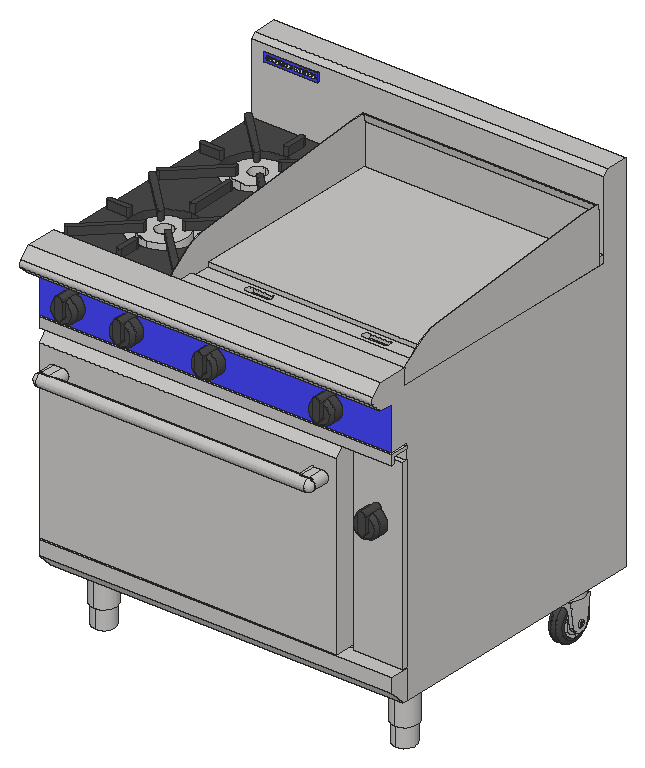
Revit family "QF_MOFFAT_BLUESEAL_CE_G56B", category Specialty Equipment, Revit 2012 (continued)
Automatic sketch dimensions
  curve 37 to plane 12 = 17.528 mm
  plane 12 to curve 39 = 10.472 mm
  curve 41 to curve 38 = 35 mm
  curve 37 to curve 40 = 22 mm
  curve 22 to curve 24 = 0.268 mm
  Split face 1 sketch curve to cut or joined group of Extrusion 1, Extrusion 16 = 27.115 mm
  Split face 1 sketch curve to cut or joined group of Extrusion 1, Extrusion 16 = 273.455 mm
  Split face 1 sketch curve to Split face 1 sketch curve = 4.041 mm  (x4)
  Split face 1 sketch curve to Split face 1 sketch curve = 8.66 mm  (x2)
  Split face 1 sketch curve to cut or joined group of Extrusion 1, Extrusion 16 = 12.115 mm
  Split face 1 sketch curve to cut or joined group of Extrusion 1, Extrusion 16 = 36.836 mm
  Split face 1 sketch curve to Split face 1 sketch curve = 7 mm  (x3)
  Split face 1 sketch curve to Split face 1 sketch curve = 17 mm
  Split face 2 sketch curve to cut or joined group of Extrusion 1, Extrusion 16 = 27.115 mm
  Split face 2 sketch curve to cut or joined group of Extrusion 1, Extrusion 16 = 326.545 mm
  Split face 2 sketch curve to Split face 2 sketch curve = 4.041 mm  (x4)
  Split face 2 sketch curve to Split face 2 sketch curve = 8.66 mm  (x2)
  Split face 2 sketch curve to cut or joined group of Extrusion 1, Extrusion 16 = 12.115 mm
  Split face 2 sketch curve to Split face 2 sketch curve = 223.917 mm
  Split face 2 sketch curve to Split face 2 sketch curve = 7 mm  (x3)
  Split face 2 sketch curve to Split face 2 sketch curve = 17 mm
  Split face 3 sketch curve to cut or joined group of Extrusion 1, Extrusion 16 = 26.545 mm
  Split face 3 sketch curve to Split face 3 sketch curve = 4.041 mm  (x4)
  Split face 3 sketch curve to Split face 3 sketch curve = 8.66 mm  (x2)
  Split face 3 sketch curve to cut or joined group of Extrusion 1, Extrusion 16 = 22.115 mm
  Split face 3 sketch curve to Split face 3 sketch curve = 223.917 mm
  Split face 3 sketch curve to cut or joined group of Extrusion 1, Extrusion 16 = 17.115 mm
  Split face 3 sketch curve to Split face 3 sketch curve = 10 mm
  Split face 3 sketch curve to Split face 3 sketch curve = 7 mm  (x3)
  Revolve 33 sketch curve to plane 5 "FRONT" = 19 mm
  Revolve 33 sketch curve to Revolve 33 sketch curve = 0 mm  (x2)
  Revolve 33 sketch curve to Revolve 33 sketch curve = 11 mm
  Revolve 33 sketch curve to Revolve 33 sketch curve = 12.7 mm
  Revolve 33 sketch curve to Revolve 33 sketch curve = 23 mm
  Revolve 33 sketch curve to Revolve 33 sketch curve = 10 mm
  Revolve 33 sketch curve to plane 6 "TOP" = 140.618 mm
  Revolve 33 sketch curve to Revolve 33 sketch curve = 5.849 mm
  Revolve 33 sketch curve to Revolve 33 sketch curve = 27.5 mm
  Revolve 33 sketch curve to Revolve 33 sketch curve = 5 mm
  Extrusion 34 sketch curve to plane 16 = 75.219 mm
  Extrusion 34 sketch curve to Extrusion 34 sketch curve = 10 mm
  Extrusion 34 sketch curve to plane 6 "TOP" = 146.118 mm
  Extrusion 34 sketch curve to Extrusion 34 sketch curve = 35 mm
  radius of Extrusion 6 sketch curve = 10 mm
  radius of Extrusion 29 sketch curve = 85 mm  (x2)
  radius of Extrusion 31 sketch curve = 57 mm  (x2)
  radius of Extrusion 31 sketch curve = 22 mm  (x2)
  radius of Extrusion 32 sketch curve = 6.35 mm
Nested families
  nested 1: "WALDORF LOGO_FACE BASE" at (32, -70, 1056.385) x (1, 0, 0) z (0, -1, 0), visible <- "Show Logo", type "WALDORF LOGO_FACE BASE", detail levels medium+fine
    with Show Logo yes
  nested 2: "GAS GRIDDLE PLATE 600" at (300, -85, 874.5), type "GAS GRIDDLE PLATE 600"
    with Width 600 mm, Type Mark "", Status "", Specification by User "", Revision Code "", Item Number "", Installed By "", Identify Quantity as Lot yes, Furnished By "", Foodservice Equipment Identifier yes, Depth 620 mm
Connectors
  piping at (770, -32, 655)
    settings: on Extrusion 6, index 4, connector radius 0.37402", flow factor 0, pipe flow 0 GPM, pressure drop 0.00 psi, fitting loss kfactor 0, connector angle 0.00°, fixture units 0, engagement length 0 mm, flow configuration 1, flow direction 1, fitting loss method 0, system type 7, joint type 0, gender type 0, connector reference index -1, connector utility 0, adjustable connector no, is connector primary yes, fitting loss table "", connector description "GAS CONNECTION"
  electrical at (826, -501, 147.817), driven by "Volts", driven by "Watts"
    settings: on Extrusion 32, index 5, voltage 230 V, apparent load 130 VA, apparent load phase1 0 VA, apparent load phase2 0 VA, apparent load phase3 0 VA, power factor 1, load classification "Other", number of poles 1, system type 30, power factor state 1, is connector primary yes, connector utility no, sub classification motor no, connector description "ELECTRICAL CONNECTION"
Definition of nested family "WALDORF LOGO_FACE BASE"
  Parameters (values of type "WALDORF LOGO_FACE BASE")
    Show Logo [instance] = yes
    Default Elevation = 1219.2 mm
  Reference planes
    plane 1 "Center (Front/Back)": y = 0
    plane 2: z = 0
    plane 3 "Center (Left/Right)": x = 0
  Forms (mm)
    Extrusion 1, solid
      sketch origin (0, 0, 0) x (1, 0, 0) y (0, 1, 0)
        loop
          line (-1219.2, 1219.2) -> (-1219.2, -1219.2) -> (1219.2, -1219.2) -> (1219.2, 1219.2) -> (-1219.2, 1219.2)
      from 0 to -304.8
    Extrusion 2, solid, material "QF_Finishes_Blue", visible <- "Show Logo"
      sketch origin (0, -33.217, 0) x (1, 0, 0) y (0, 1, 0)
        loop
          arc (138, 31.942) -> (137.626, 32.844) -> (136.724, 33.217) r 1.276
          line (136.724, 33.217) -> (1.29, 33.217)
          arc (1.29, 33.217) -> (0.378, 32.839) -> (0, 31.927) r 1.29
          line (0, 31.927) -> (0, 11.507)
          arc (0, 11.507) -> (0.378, 10.595) -> (1.29, 10.217) r 1.29
          line (1.29, 10.217) -> (136.71, 10.217)
          arc (136.71, 10.217) -> (137.622, 10.595) -> (138, 11.507) r 1.29
          line (138, 11.507) -> (138, 31.942)
      from 0 to 1.588
    Extrusion 3, solid, material "QF_Finishes_White", visible <- "Show Logo"
      sketch origin (0, -33.217, 1.588) x (1, 0, 0) y (0, 1, 0)
        loop
          arc (108.946, 25.919) -> (107.613, 25.367) -> (107.061, 24.034) r 1.885
          line (107.061, 24.034) -> (107.061, 17.211) -> (112.704, 17.211) -> (112.704, 19.129) -> (115.546, 19.129) -> (115.546, 17.211) -> (121.584, 17.211) -> (121.584, 24.075)
          arc (121.584, 24.075) -> (121.043, 25.379) -> (119.739, 25.919) r 1.845
          line (119.739, 25.919) -> (108.946, 25.919)
        loop
          line (123.478, 25.919) -> (123.478, 17.163) -> (134.904, 17.163) -> (134.904, 19.129) -> (129.246, 19.129) -> (129.246, 25.919) -> (123.478, 25.919)
        loop
          line (112.704, 21.258) -> (115.546, 21.258) -> (115.546, 22.702)
          arc (115.546, 22.702) -> (115.344, 23.188) -> (114.858, 23.389) r 0.687
          line (114.858, 23.389) -> (113.363, 23.389)
          arc (113.363, 23.389) -> (112.897, 23.196) -> (112.704, 22.73) r 0.658
          line (112.704, 22.73) -> (112.704, 21.258)
        loop
          line (105.071, 25.919) -> (93.771, 25.919) -> (93.771, 17.163) -> (105.071, 17.163) -> (105.071, 19.063) -> (99.535, 19.063) -> (99.535, 20.437) -> (105.071, 20.437) -> (105.071, 22.278) -> (99.535, 22.278) -> (99.535, 23.587) -> (105.071, 23.587) -> (105.071, 25.919)
        loop
          line (91.104, 25.919) -> (79.541, 25.919)
          arc (79.541, 25.919) -> (78.558, 25.513) -> (78.152, 24.53) r 1.389
          line (78.152, 24.53) -> (78.152, 22.08)
          arc (78.152, 22.08) -> (78.558, 21.098) -> (79.541, 20.691) r 1.389
          line (79.541, 20.691) -> (86.346, 20.691) -> (86.346, 18.864) -> (83.266, 18.864) -> (83.266, 19.664) -> (78.152, 19.664) -> (78.152, 18.553)
          arc (78.152, 18.553) -> (78.558, 17.57) -> (79.541, 17.163) r 1.389
          line (79.541, 17.163) -> (91.063, 17.163)
          arc (91.063, 17.163) -> (92.045, 17.57) -> (92.452, 18.553) r 1.389
          line (92.452, 18.553) -> (92.452, 20.691)
          arc (92.452, 20.691) -> (92.045, 21.673) -> (91.063, 22.08) r 1.389
          line (91.063, 22.08) -> (83.266, 22.08) -> (83.266, 23.984) -> (86.346, 23.984) -> (86.346, 22.743) -> (92.452, 22.743) -> (92.452, 24.571)
          arc (92.452, 24.571) -> (92.057, 25.524) -> (91.104, 25.919) r 1.348
        loop
          line (70.705, 25.919) -> (59.405, 25.919) -> (59.405, 17.163) -> (70.705, 17.163) -> (70.705, 19.063) -> (65.169, 19.063) -> (65.169, 20.437) -> (70.705, 20.437) -> (70.705, 22.278) -> (65.169, 22.278) -> (65.169, 23.587) -> (70.705, 23.587) -> (70.705, 25.919)
        loop
          line (57.598, 25.919) -> (51.7, 25.919) -> (51.7, 20.18)
          arc (51.7, 20.18) -> (50.63, 19.11) -> (49.56, 20.18) r 1.07
          line (49.56, 20.18) -> (49.56, 25.919) -> (43.663, 25.919) -> (43.663, 19.049)
          arc (43.663, 19.049) -> (44.215, 17.716) -> (45.548, 17.163) r 1.885
          line (45.548, 17.163) -> (55.71, 17.163)
          arc (55.71, 17.163) -> (57.045, 17.716) -> (57.598, 19.051) r 1.887
          line (57.598, 19.051) -> (57.598, 25.919)
        loop
          line (31.62, 25.919) -> (31.62, 17.163) -> (43.046, 17.163) -> (43.046, 19.129) -> (37.388, 19.129) -> (37.388, 25.919) -> (31.62, 25.919)
        loop
          line (15.969, 25.919) -> (15.969, 17.163) -> (28.693, 17.163)
          arc (28.693, 17.163) -> (29.812, 17.627) -> (30.276, 18.746) r 1.582
          line (30.276, 18.746) -> (30.276, 20.447) -> (29.48, 21.243) -> (30.276, 22.039) -> (30.276, 24.332)
          arc (30.276, 24.332) -> (29.811, 25.454) -> (28.688, 25.919) r 1.587
          line (28.688, 25.919) -> (15.969, 25.919)
        loop
          line (21.449, 24.159) -> (21.449, 22.436) -> (23.862, 22.436)
          arc (23.862, 22.436) -> (24.723, 23.298) -> (23.862, 24.159) r 0.861
          line (23.862, 24.159) -> (21.449, 24.159)
        loop
          line (21.449, 20.244) -> (21.449, 18.522) -> (23.862, 18.522)
          arc (23.862, 18.522) -> (24.723, 19.383) -> (23.862, 20.244) r 0.861
          line (23.862, 20.244) -> (21.449, 20.244)
      from 0 to 0.2
    Extrusion 4, solid, material "QF_Finishes_Blue", visible <- "Show Logo"
      sketch origin (-126.498, -31.09, 1.588) x (1, 0, 0) y (0, 1, 0)
        loop
          line (136.738, 23.522) -> (136.738, 15.1)
          arc (136.738, 15.1) -> (140.756, 19.311) -> (136.738, 23.522) r 4.216
      from 0 to 0.2
    Extrusion 5, solid, material "QF_Finishes_Red", visible <- "Show Logo"
      sketch origin (146.849, -31.09, 1.588) x (-1, 0, 0) y (0, -1, 0)
        loop
          arc (136.738, -23.522) -> (140.756, -19.311) -> (136.738, -15.1) r 4.216
          line (136.738, -15.1) -> (136.738, -23.522)
      from 0 to 0.2
  Lines and regions (mm)
    Split face 1
      outline origin (-90.35, -30.793, 1.588) x (1, 0, 0) y (0, 1, 0)
        loop
          circle (100.54, 19.013) r 4.536
  Dimensions and locks
    aligned and locked: plane 2 to Extrusion 1
    aligned and locked: level to Extrusion 1
Definition of nested family "GAS GRIDDLE PLATE 600"
  Parameters (values of type "GAS GRIDDLE PLATE 600")
    Width [instance] = 600 mm
    Weight in Pounds = 0
    URL Cutsheet = ""
    Type Mark [instance] = ""
    Status [instance] = ""
    Specification by User [instance] = ""
    Specification by Manufacturer = ""
    Serial Number = ""
    Seismic Rating = ""
    SMACNA No = ""
    Revision Code [instance] = ""
    Omniclass Number and Title = ""
    NAFEM Spec ID Number = ""
    Masterspec = ""
    Item Number [instance] = ""
    Installed By [instance] = ""
    Identify Quantity as Lot [instance] = yes
    Furnished By [instance] = ""
    Foodservice Equipment Identifier [instance] = yes
    Depth [instance] = 620 mm
    CSI MasterFormat = ""
    CSI Master Format = ""
  Reference planes
    plane 1 "BACK": y = 0
    plane 2: z = 0
    plane 3 "LEFT": x = 0
    plane 4 "RIGHT": x = 600
    plane 5 "FRONT": y = -620
    plane 6 "TOP": z = 142.5
    plane 7 "Center Y": x = 300
    plane 8 "Center X": y = -310
    plane 9: y = -530.997
    plane 10: y = -541.497
    plane 11: y = -503.25
    plane 12: y = -557.737
  Forms (mm)
    Extrusion 1, solid, material "QF_Finishes_Stainless Steel"
      sketch origin (0, 70.003, -874.5) x (0, 1, 0) y (0, 0, 1)
        loop
          line (-70, 875) -> (-70, 997.489) -> (-75.228, 1017) -> (-117.24, 1017) -> (-589.533, 971.523)
          arc (-589.533, 971.523) -> (-614.56, 965.803) -> (-637.306, 953.899) r 100
          line (-637.306, 953.899) -> (-690.003, 917) -> (-690.003, 875) -> (-70, 875)
      from 0 to 1.8
    Extrusion 2, solid, material "QF_Finishes_Stainless Steel"
      sketch origin (600, 70.003, -874.5) x (0, -1, 0) y (0, 0, 1)
        loop
          line (70, 875) -> (690.003, 875) -> (690.003, 917) -> (637.306, 953.899)
          arc (637.306, 953.899) -> (614.56, 965.803) -> (589.533, 971.523) r 100
          line (589.533, 971.523) -> (117.24, 1017) -> (75.228, 1017) -> (70, 997.489) -> (70, 875)
      from 0 to 1.2
    Extrusion 3, solid, material "QF_Finishes_Stainless Steel"
      sketch origin (150, 70.003, -874.5) x (0, 1, 0) y (0, 0, 1)
        loop
          line (-55, 895) -> (-573.253, 895) -> (-573.253, 884.5) -> (-627.74, 884.5) -> (-627.74, 895) -> (-690.003, 895) -> (-690.003, 875) -> (-55, 875) -> (-55, 895)
      from -148.2 to 448.8
    Extrusion 4, void
      sketch origin (150, -541.497, 10) x (0, -1, 0) y (1, 0, 0)
        loop
          arc (-7.497, 25.113) -> (-17.497, 35.113) -> (-27.497, 25.113) r 10
          line (-27.497, 25.113) -> (-27.497, -24.887)
          arc (-27.497, -24.887) -> (-17.497, -34.887) -> (-7.497, -24.887) r 10
          line (-7.497, -24.887) -> (-7.497, 25.113)
        loop
          line (-7.497, 274.887) -> (-7.497, 324.887)
          arc (-7.497, 324.887) -> (-17.497, 334.887) -> (-27.497, 324.887) r 10
          line (-27.497, 324.887) -> (-27.497, 274.887)
          arc (-27.497, 274.887) -> (-17.497, 264.887) -> (-7.497, 274.887) r 10
      from -41.4 to 40.142
    Extrusion 5, solid, material "QF_Finishes_Stainless Steel"
      sketch origin (0, 70.003, -874.5) x (0, 1, 0) y (0, 0, 1)
        loop
          line (-70, 875) -> (-70, 997.489) -> (-75.228, 1017) -> (-76.884, 1017) -> (-71.6, 997.278) -> (-71.6, 875) -> (-70, 875)
      from 0 to 598.8
  Cuts and joins
    Extrusion 4 cuts Extrusion 3
    joined: Extrusion 1, Extrusion 2, Extrusion 3
  Lines and regions (mm)
    symbolic lines
      curve 1: line (600, -503.25, 0) -> (0, -503.25, 0)
      curve 2: line (0, -557.737, 0) -> (600, -557.737, 0)
      curve 3: line (0, -1.68, 0) -> (600, -1.68, 0)
      curve 4: line (600, -1.68, 0) -> (600, -620, 0)
      curve 5: line (0, -620, 0) -> (0, -1.68, 0)
      curve 6: line (0, -620, 0) -> (600, -620, 0)
      curve 7: arc (175.113, -534, 0) -> (185.113, -524, 0) -> (175.113, -514, 0) r 10
      curve 8: line (175.113, -514, 0) -> (125.113, -514, 0)
      curve 9: arc (125.113, -514, 0) -> (115.113, -524, 0) -> (125.113, -534, 0) r 10
      curve 10: line (125.113, -534, 0) -> (175.113, -534, 0)
      curve 11: arc (424.887, -534, 0) -> (414.887, -524, 0) -> (424.887, -514, 0) r 10
      curve 12: line (424.887, -514, 0) -> (474.887, -514, 0)
      curve 13: arc (474.887, -514, 0) -> (484.887, -524, 0) -> (474.887, -534, 0) r 10
      curve 14: line (474.887, -534, 0) -> (424.887, -534, 0)
  Dimensions and locks
    equal spacing: plane 3 "LEFT", plane 7 "Center Y", plane 4 "RIGHT"
    "Width": plane 3 "LEFT" to plane 4 "RIGHT"
    equal spacing: plane 5 "FRONT", plane 8 "Center X", plane 1 "BACK"
    "Depth": plane 5 "FRONT" to plane 1 "BACK"
    locked: Extrusion 2 to Extrusion 2 at 1.2
    aligned and locked: level to plane 2
    aligned and locked: Extrusion 2 to plane 4 "RIGHT"
    aligned and locked: curve 1 to plane 11
    aligned and locked: plane 12 to curve 2
    aligned and locked: Extrusion 5 to cut or joined group of Extrusion 1, Extrusion 2, Extrusion 3, Extrusion 4
  Automatic sketch dimensions
    Extrusion 1 sketch curve to plane 5 "FRONT" = 0 mm
    Extrusion 1 sketch curve to plane 6 "TOP" = 0 mm
    plane 12 to Extrusion 1 sketch curve = 9.566 mm
    plane 11 to Extrusion 1 sketch curve = 16.28 mm
    Extrusion 1 sketch curve to level = 2.516 mm
    plane 11 to Extrusion 1 sketch curve = 6.695 mm
    plane 1 "BACK" to Extrusion 1 sketch curve = 47.237 mm
    plane 1 "BACK" to Extrusion 1 sketch curve = 5.225 mm
    Extrusion 1 sketch curve to plane 1 "BACK" = 0.003 mm
    level to Extrusion 1 sketch curve = 0.5 mm
    Extrusion 1 sketch curve to Extrusion 1 sketch curve = 42 mm
    Extrusion 1 sketch curve to plane 6 "TOP" = 63.101 mm
    Extrusion 1 sketch curve to plane 6 "TOP" = 19.511 mm
    Extrusion 2 sketch curve to plane 6 "TOP" = 0 mm
    Extrusion 2 sketch curve to plane 5 "FRONT" = 0 mm
    plane 12 to Extrusion 2 sketch curve = 9.566 mm
    plane 11 to Extrusion 2 sketch curve = 16.28 mm
    Extrusion 2 sketch curve to level = 2.516 mm
    plane 11 to Extrusion 2 sketch curve = 6.695 mm
    plane 1 "BACK" to Extrusion 2 sketch curve = 47.237 mm
    plane 1 "BACK" to Extrusion 2 sketch curve = 5.225 mm
    Extrusion 2 sketch curve to plane 1 "BACK" = 0.003 mm
    level to Extrusion 2 sketch curve = 0.5 mm
    Extrusion 2 sketch curve to Extrusion 2 sketch curve = 42 mm
    Extrusion 2 sketch curve to plane 6 "TOP" = 63.101 mm
    Extrusion 2 sketch curve to plane 6 "TOP" = 19.511 mm
    Extrusion 3 sketch curve to plane 5 "FRONT" = 0 mm
    Extrusion 3 sketch curve to plane 12 = 0 mm
    Extrusion 3 sketch curve to plane 11 = 0 mm
    Extrusion 3 sketch curve to plane 1 "BACK" = 15.003 mm
    level to Extrusion 3 sketch curve = 0.5 mm
    level to Extrusion 3 sketch curve = 10 mm
    Extrusion 3 sketch curve to Extrusion 3 sketch curve = 10.5 mm  (x2)
    plane 1 "BACK" to Extrusion 5 sketch curve = 5.225 mm
    Extrusion 5 sketch curve to plane 1 "BACK" = 0.003 mm
    Extrusion 5 sketch curve to plane 6 "TOP" = 19.511 mm
    Extrusion 5 sketch curve to Extrusion 5 sketch curve = 1.6 mm
    Extrusion 5 sketch curve to Extrusion 5 sketch curve = 0.211 mm
    Extrusion 5 sketch curve to plane 6 "TOP" = 0 mm
    Extrusion 5 sketch curve to Extrusion 5 sketch curve = 1.656 mm
    level to Extrusion 5 sketch curve = 0.5 mm
    plane 11 to Extrusion 4 sketch curve = 10.75 mm  (x2)
    Extrusion 4 sketch curve to Extrusion 4 sketch curve = 10 mm  (x2)
    plane 3 "LEFT" to Extrusion 4 sketch curve = 125.113 mm
    Extrusion 4 sketch curve to Extrusion 4 sketch curve = 50 mm  (x2)
    plane 7 "Center Y" to Extrusion 4 sketch curve = 124.887 mm
    curve 6 to plane 3 "LEFT" = 0 mm
    curve 3 to plane 4 "RIGHT" = 0 mm
    plane 5 "FRONT" to curve 6 = 0 mm
    plane 11 to curve 8 = 10.75 mm
    plane 3 "LEFT" to curve 8 = 125.113 mm
    curve 10 to plane 12 = 23.737 mm
    curve 9 to curve 10 = 50 mm
    curve 11 to plane 12 = 23.737 mm
    plane 7 "Center Y" to curve 11 = 124.887 mm
    plane 11 to curve 12 = 10.75 mm
    curve 12 to curve 12 = 50 mm
    plane 1 "BACK" to curve 3 = 1.68 mm
